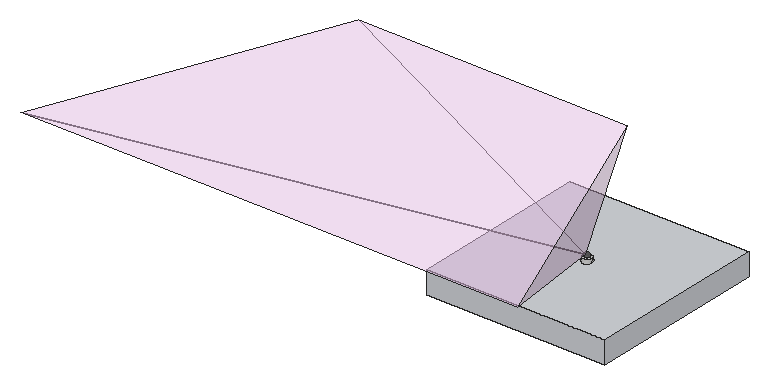
Revit family "_Camera-Security-Panasonic-Super_Dynamic-Vandal_Resistant-Waterproof-Dome-Network-S2572LSeries", category 警備装置, Revit 2019
Family settings
  ホスト = 面
  注釈の向きを維持 = いいえ
  丸型コネクタ寸法 = 直径を使用
  パーツ タイプ = 標準
  OmniClass 番号 = 23.85.10.14.11
  OmniClass タイトル = Cameras
  ロード時にボイドで切り取り = いいえ
  共有 = いいえ
  部屋計算ポイント = いいえ
Parameters (values of type "WV-S2272L")
  z Zero = 0.000"  # constant formula
  z Yaw Actual [instance] = if(and(On Wall, not(On Ceiling)), Yaw Actual, Yaw Actual + 180.00°)  # 180.00°
  z VV Viewpoint Depth Min = 1.28244"
  z VV Viewpoint Depth Max = 1.28244"
  z VV Viewpoint Depth [instance] = (z VV Viewpoint Depth Max - z VV Viewpoint Depth Min) * z HFOV Ratio + z VV Viewpoint Depth Min  # 1.28244"
  z VV Origin Horizontal Offset [instance] = 0.000"
  z VV Origin HeightX [instance] = 2.42126"  # constant formula
  z VV Origin Height [instance] = if(z Decoration Cover Visible, z Embedded Bottom Offset + z VV Origin HeightX, if(z Base Bracket Visible, z VV Origin HeightX + Base Bracket Height, z VV Origin HeightX))  # 2.42126"
  z VV Origin Angle [instance] = 0.00°
  z Tilt Actual [instance] = Tilt Actual  # 45.00°
  z Pan Actual Safe [instance] = if(Pan Actual = -180.00°, 180.00°, Pan Actual)  # 0.00°
  z Pan Actual [instance] = Pan Actual  # 0.00°
  z Level Offset = 7.87402"  # constant formula
  z HFOV Ratio [instance] = (Horizontal FOV Actual - Horizontal FOV Min) / (Horizontal FOV Max - Horizontal FOV Min)  # 0.16327
  z Dome Radius = Dome Diameter / 2  # 1.63386"
  z Decoration Cover Visible [instance] = Set with Decoration Cover  # no
  z Const Yaw Handle Length = 9.25197"  # constant formula
  z Const Yaw Base2 Length = 17.32283"  # constant formula
  z Const Yaw Base Length = 10.23622"  # constant formula
  z Const Tilt Handle Length = 11.81102"  # constant formula
  z Const Tilt Base2 Length = 19.68504"  # constant formula
  z Const Tilt Base Length = 9.84252"  # constant formula
  z Const Pan Handle Length = 19.48819"  # constant formula
  z Embedded Bottom Offset = -1.67323"
  z Camera Type = 0
  z Camera Top Height [instance] = if(z Decoration Cover Visible, z Level Offset + Base Height + z Embedded Bottom Offset, if(z Base Bracket Visible, z Level Offset + z Camera Bottom Offset + Base Height, z Level Offset + Base Height))  # 10.07874"
  z Camera Radius2 = z Camera Radius * 0.7  # 1.78445"
  z Camera Radius = 2.54921"
  z Camera Center Offset [instance] = 0.000"
  z Camera Bottom Offset [instance] = Base Bracket Height  # 1.41732"
  z Camera Bottom Height [instance] = if(z Base Bracket Visible, z Level Offset + z Camera Bottom Offset, z Level Offset)  # 7.87402"
  z Camera Angle [instance] = 90.00°
  z Base Visible [instance] = not(z Decoration Cover Visible)  # yes
  z Base Bracket Visible [instance] = and(z Camera Type = 1, Has Base Bracket, not(z Decoration Cover Visible))  # no
  WQHD = Resolution : WQHD
  Resolution [instance] = Resolution : 4K
  HD = Resolution : HD
  Full HD = Resolution : Full HD
  Decoration Cover Radius = 3.66142"
  Decoration Cover Wall Height = 0.11811"  # constant formula
  Decoration Cover Hole Radius = 1.63386"
  Decoration Cover Height = 0.61811"
  4K = Resolution : 4K
  Base Radius = 2.54921"
  z Dome Offset [instance] = 2.20472"
  Yawing Range = "-100 to +100"  # constant formula
  Yaw Min = -100.00°  # constant formula
  Yaw Max = 100.00°  # constant formula
  Yaw Desired [instance] = 0.00°
  Yaw Actual [instance] = if(Yaw Desired > Yaw Max, Yaw Max, if(Yaw Desired < Yaw Min, Yaw Min, Yaw Desired))  # 0.00°
  Wide Dynamic Range = yes
  Weight [instance] = 1.72 lbf
  Water and Dust Resistance = "N/A"
  Voltage DC = 12 V  # constant formula
  Vertical FOV Min [instance] = if(and(Aspect Ratio 4_3, not(Aspect Ratio 16_9)), VFOV Min 43, VFOV Min 169)  # 29.00°
  Vertical FOV Max [instance] = if(and(Aspect Ratio 4_3, not(Aspect Ratio 16_9)), VFOV Max 43, VFOV Max 169)  # 55.00°
  Vertical FOV Actual [instance] = z HFOV Ratio * (Vertical FOV Max - Vertical FOV Min) + Vertical FOV Min  # 33.2449°
  Vandal Resistant = yes
  VFOV Min 43 = VFOV Min 169  # 29.00°
  VFOV Min 169 = 29.00°  # constant formula
  VFOV Max 43 = VFOV Max 169  # 55.00°
  VFOV Max 169 = 55.00°  # constant formula
  URL = "http://security.panasonic.com/pss/security/"
  Tilting Range = "-30 to +85"  # constant formula
  Tilt Min = -30.00°  # constant formula
  Tilt Max = 85.00°  # constant formula
  Tilt Desired [instance] = 45.00°
  Tilt Actual [instance] = if(Tilt Desired > Tilt Max, Tilt Max, if(Tilt Desired < Tilt Min, Tilt Min, Tilt Desired))  # 45.00°
  Storage Temperature = Operational Temperature  # "14 °F to 122 °F"
  Show View Volume [instance] = yes
  Shock Resistance = "IK10 (IEC 62262)"
  Set with Decoration Cover [instance] = no
  Regulatory Compliance = "UL (UL60950-1), c-UL (CSA C22.2 No.60950-1), CE, IEC60950-1, FCC (Part15 ClassA), ICES003 ClassA, EN55032 ClassB, EN55024"
  Provide Feedback = "https://www.surveymonkey.com/s/95FL6QY"
  Product Page URL = "https://security.panasonic.com/products_technology/products/wv-s2272l/"
  Product Material = Paint - Panasonic - Sail White
  Product Documentation Link = "https://bizpartner.panasonic.net/public/ppr/product/11415?accordion_tab=96"
  Power Active = 9.2 W
  Part Number = モデル  # "WV-S2272L"
  Part Description = 説明  # "Security Camera, Fixed Dome, Network, Super Dynamic , 4K, WV-S2272L"
  Panning Range = "-240 to +120"
  Pan Min = -240.00°
  Pan Max = 120.00°
  Pan Desired [instance] = 0.00°
  Pan Actual [instance] = if(Pan Desired > Pan Max, Pan Max, if(Pan Desired < Pan Min, Pan Min, Pan Desired))  # 0.00°
  PPM Desired [instance] = 300
  PPM Actual [instance] = if(PPM Desired > 1, PPM Desired, 1)  # 300
  Original Creation Date = "2019/05/14"
  Operational Temperature = "14 °F to 122 °F"
  Operational Humidity = "10 to 90 % (no condensation)"
  On Wall [instance] = no
  On Ceiling [instance] = yes
  Mounting Positions = "Surface Mount"
  Model Disclaimer = "Contact Panasonic for more information"  # constant formula
  モデル = "WV-S2272L"
  Minimum Illumination = 0.090 lx  # constant formula
  製造元 = "Panasonic"  # constant formula
  Indoor Or Outdoor = "Indoor"
  IP Or Analog = "IP"  # constant formula
  Horizontal Resolution Actual [instance] = if(and(Aspect Ratio 4_3, not(Aspect Ratio 16_9)), Horizontal Resolution 43, Horizontal Resolution 169)  # 3840
  Horizontal Resolution 43 [instance] = Horizontal Resolution 169  # 3840
  Horizontal Resolution 169 [instance] = if(Resolution = [4K], 3840, if(Resolution = WQHD, 2560, if(Resolution = Full HD, 1920, if(Resolution = HD, 1280, 3840))))  # 3840
  Horizontal FOV Min [instance] = if(and(Aspect Ratio 4_3, not(Aspect Ratio 16_9)), HFOV Min 43, HFOV Min 169)  # 52.00°
  Horizontal FOV Max [instance] = if(and(Aspect Ratio 4_3, not(Aspect Ratio 16_9)), HFOV Max 43, HFOV Max 169)  # 101.00°
  Horizontal FOV Desired [instance] = 60.00°
  Horizontal FOV Actual [instance] = if(Horizontal FOV Desired > Horizontal FOV Max, Horizontal FOV Max, if(Horizontal FOV Desired < Horizontal FOV Min, Horizontal FOV Min, Horizontal FOV Desired))  # 60.00°
  Height = 4.03543"
  Has POE = yes
  Has Base Bracket [instance] = no
  HFOV Min 43 = HFOV Min 169  # 52.00°
  HFOV Min 169 = 52.00°  # constant formula
  HFOV Max 43 = HFOV Max 169  # 101.00°
  HFOV Max 169 = 101.00°  # constant formula
  Family Version = "1.0.0"  # constant formula
  Equipment Number [instance] = ""
  Equipment Abbreviation = "SC"
  Dome Diameter = 3.26772"
  Dome Bottom Offset = 0.19685"
  Distance to Screen [instance] = 393.70079"
  Distance to PPM Target [instance] = if(PPM Actual = 0, 0.000", 39.37008" * Horizontal Resolution Actual / (PPM Actual * 2 * tan(Horizontal FOV Actual / 2)))  # 436.42225"
  Distance to Floor [instance] = 118.11024"
  Distance to Ceiling [instance] = 0.000"
  Diameter = 5.09843"
  説明 = "Security Camera, Fixed Dome, Network, Super Dynamic , 4K, WV-S2272L"
  Default Elevation = 0.000"
  Day Or Night = "Yes"  # constant formula
  Date Last Modified = "2020/10/13"
  Copyright = "Copyright © Panasonic"  # constant formula
  Communication Ports = "10Base-T / 100Base-TX, RJ45 connector"  # constant formula
  Base Bracket Height = 1.41732"
  Base Height = 2.20472"
  Audio Out = "Yes"  # constant formula
  Audio In = "Yes"  # constant formula
  Aspect169 = yes
  Aspect Ratio 4_3 [instance] = not(Aspect169)  # no
  Aspect Ratio 16_9 [instance] = Aspect169  # yes
  Angle Of View = "101"
  Alarm Input Or Output Specification = "ALARM IN 1(Alarm input 1/ Black & white input/ Auto time adjustment input) (x1), ALARM IN 2 (Alarm input 2/ ALARM OUT) (x1) , ALARM IN 3 (Alarm input 3/ AUX OUT) (x1)"  # constant formula
  Accessory Part Number [instance] = if(and(Set with Decoration Cover, z Camera Type = 0), "WV-Q174B", if(and(Set with Decoration Cover, z Camera Type = 1), "WV-Q169A", "Select a Mounting Option"))  # "Select a Mounting Option"
Types (4): name | z VV Viewpoint Depth Min | z VV Viewpoint Depth Max | z VV Viewpoint Depth | z Dome Radius | z Embedded Bottom Offset | z Camera Type | z Camera Radius2 | z Camera Radius | Resolution | Decoration Cover Radius | Decoration Cover Hole Radius | Decoration Cover Height | Base Radius | Weight | Water and Dust Resistance | Storage Temperature | Shock Resistance | Product Page URL | Product Material | Product Documentation Link | Power Active | Part Number | Part Description | Panning Range | Pan Min | Pan Max | Operational Temperature | Operational Humidity | Mounting Positions | モデル | Indoor Or Outdoor | Horizontal Resolution Actual | Horizontal Resolution 43 | Horizontal Resolution 169 | Height | Dome Diameter | Distance to PPM Target | Diameter | 説明 | Date Last Modified
  WV-S2570L | 1.28295" | 1.28295" | 1.28295" | 1.65354" | -1.68504" | 1 | 2.11899" | 3.02714" | Resolution : HD | 4.13976" | 1.634" | 0.51969" | 3.0315" | 3.53 lbf | "IP66 (IEC60529), Type 4X(UL50E), NEMA 4X compliant" | "-40 °F to 140 °F" | "50J (IEC 60068-2-75 compliant), IK10 (IEC 62262)" | "https://security.panasonic.com/products_technology/products/wv-s2570l/" | Paint - Panasonic - Light Gray | "https://bizpartner.panasonic.net/public/sites/all/modules/panasonic/mypdfurl/pdf.js/web/viewer.html?file=/public/system/files/files/fields/field_file/psd/2019/04/26/WV-S2570L_2A-225AA_1556238318.2655.pdf" | 10.6 W | "WV-S2570L" | "Security Camera, Fixed Dome, Network, Super Dynamic  Vandal Resistant  Weatherproof, 4K, WV-S2570L" | "-180 to +180" | -180.00° | 180.00° | "-40 °F to 140 °F" | "10 to 100 % (no condensation)" | "Mount Dependent or Surface Mount" | "WV-S2570L" | "Outdoor" | 1280 | 1280 | 1280 | 5.47244" | 3.30709" | 145.47408" | 6.45669" | "Security Camera, Fixed Dome, Network, Super Dynamic  Vandal Resistant  Weatherproof, 4K, WV-S2570L" | "2019/05/14"
  WV-S2270L | 1.28244" | 1.28244" | 1.28244" | 1.63386" | -1.67323" | 0 | 1.78445" | 2.54921" | Resolution : 4K | 3.66142" | 1.63386" | 0.61811" | 2.54921" | 1.72 lbf | "N/A" | "14 °F to 122 °F" | "IK10 (IEC 62262)" | "https://security.panasonic.com/products_technology/products/wv-s2270l/documentation_database/" | Paint - Panasonic - Sail White | "https://bizpartner.panasonic.net/public/sites/all/modules/panasonic/mypdfurl/pdf.js/web/viewer.html?file=/public/system/files/files/fields/field_file/psd/2019/04/26/WV-S2270L_2A-226AA_1556238004.5315.pdf" | 9.2 W | "WV-S2270L" | "Security Camera, Fixed Dome, Network, Super Dynamic , 4K, WV-S2270L" | "-240 to +120" | -240.00° | 120.00° | "14 °F to 122 °F" | "10 to 90 % (no condensation)" | "Surface Mount" | "WV-S2270L" | "Indoor" | 3840 | 3840 | 3840 | 4.03543" | 3.26772" | 436.42225" | 5.09843" | "Security Camera, Fixed Dome, Network, Super Dynamic , 4K, WV-S2270L" | "2019/05/14"
  WV-S2572L | 1.28295" | 1.28295" | 1.28295" | 1.65354" | -1.68504" | 1 | 2.11899" | 3.02714" | Resolution : HD | 4.13976" | 1.634" | 0.51969" | 3.0315" | 3.53 lbf | "IP66 (IEC60529), Type 4X(UL50E), NEMA 4X compliant" | "-40 °F to 140 °F" | "50J (IEC 60068-2-75 compliant), IK10 (IEC 62262)" | "https://security.panasonic.com/products_technology/products/wv-s2572l/" | Paint - Panasonic - Light Gray | "https://bizpartner.panasonic.net/public/ppr/product/11417?accordion_tab=96" | 10.6 W | "WV-S2572L" | "Security Camera, Fixed Dome, Network, Super Dynamic  Vandal Resistant  Weatherproof, 4K, WV-S2572L" | "-180 to +180" | -180.00° | 180.00° | "-40 °F to 140 °F" | "10 to 100 % (no condensation)" | "Mount Dependent or Surface Mount" | "WV-S2572L" | "Outdoor" | 1280 | 1280 | 1280 | 5.47244" | 3.30709" | 145.47408" | 6.45669" | "Security Camera, Fixed Dome, Network, Super Dynamic  Vandal Resistant  Weatherproof, 4K, WV-S2572L" | "2020/10/13"
  WV-S2272L | 1.28244" | 1.28244" | 1.28244" | 1.63386" | -1.67323" | 0 | 1.78445" | 2.54921" | Resolution : 4K | 3.66142" | 1.63386" | 0.61811" | 2.54921" | 1.72 lbf | "N/A" | "14 °F to 122 °F" | "IK10 (IEC 62262)" | "https://security.panasonic.com/products_technology/products/wv-s2272l/" | Paint - Panasonic - Sail White | "https://bizpartner.panasonic.net/public/ppr/product/11415?accordion_tab=96" | 9.2 W | "WV-S2272L" | "Security Camera, Fixed Dome, Network, Super Dynamic , 4K, WV-S2272L" | "-240 to +120" | -240.00° | 120.00° | "14 °F to 122 °F" | "10 to 90 % (no condensation)" | "Surface Mount" | "WV-S2272L" | "Indoor" | 3840 | 3840 | 3840 | 4.03543" | 3.26772" | 436.42225" | 5.09843" | "Security Camera, Fixed Dome, Network, Super Dynamic , 4K, WV-S2272L" | "2020/10/13"
Reference planes (in)
  plane 1 "Center (Front/Back)": y = 0
  plane 2: z = 0
  plane 3 "Center (Left/Right)": x = 0
  plane 4 "Body Bottom": z = 0
  plane 5: y = 0
  plane 6 "Level Offset": z = -7.87402
  plane 7 "BP": z = 2.42126
  plane 8: z = 2.20472
  plane 9: z = 2.40157
  plane 10: z = 4.03543
Forms (in)
  Extrusion 1, solid
    sketch origin (0, 0, 0) x (1, 0, 0) y (0, 1, 0)
      loop
        line (-48, 48) -> (-48, -48) -> (48, -48) -> (48, 48) -> (-48, 48)
    from 0 to -12
  Revolve 2, solid, material "Paint - Panasonic - Sail White" <- "Product Material"
    sketch origin (0, 0, 0) x (0, 0, 1) y (1, 0, 0)
      loop
        line (0.00001, 2.54921) -> (0.00001, 0) -> (2.20472, 0) -> (2.20472, 1.78445) -> (1.70472, 2.40007) -> (0.00001, 2.54921)
      axis (2.20472, 0) -> (0.00001, 0)
    angle from 0 to 360
  Revolve 3, solid, material "Glass - Panasonic - Black"
    sketch origin (0, 0, 0) x (0, 1, 0) y (0, 0, 1)
      loop
        arc (1.63386, 2.40157) -> (1.15531, 3.55689) -> (0, 4.03543) r 1.63386
        line (0, 4.03543) -> (0, 2.20472) -> (1.63386, 2.20472) -> (1.63386, 2.40157)
      axis (0, 2.20472) -> (0, 4.03543)
    angle from 0 to 360
  Extrusion 4, solid
    sketch origin (0, 0, 0) x (1, 0, 0) y (0, 1, 0)
      loop
        circle (0, 0) r 0.3937
    from 0 to 0.3937
Lines and regions (in)
  reference lines
    curve 1: line (0, 0, 0) -> (0, 0, 2.20472)
    curve 2: line (0, -1, 10.89222) -> (0, 1, 10.89222)
  symbolic lines, not visible
    curve 3: line (-1.15, -2.6875, 0) -> (1.15, -2.6875, 0)
Dimensions and locks (in)
  "z Camera Center Offset": plane 5 to plane 1 "Center (Front/Back)"
  "z Level Offset": level to plane 6 "Level Offset"
  "z Camera Bottom Height": plane 4 "Body Bottom" to plane 6 "Level Offset"
  "z VV Origin Height": plane 7 "BP" to level
  "z Camera Top Height": plane 8 to plane 6 "Level Offset"
  "Dome Bottom Offset": plane 8 to plane 9
  "z Dome Radius": plane 10 to plane 9
  "z Camera Radius": Revolve 2 sketch curve to plane 3 "Center (Left/Right)"
  locked: Revolve 2 sketch curve to Revolve 2 sketch curve at 0.5
  "z Camera Radius2": Revolve 2 sketch curve to plane 3 "Center (Left/Right)"
  "z Dome Radius": radius of Revolve 3 sketch curve
  "z Camera Angle": angle curve 1 to plane 4 "Body Bottom"
  locked: Revolve 2 sketch curve to Revolve 2 sketch curve (angle 85.00°)
  aligned and locked: plane 2 to Extrusion 1
  aligned and locked: level to Extrusion 1
  aligned and locked: plane 5 to curve 1
  aligned and locked: nested 1 to plane 3 "Center (Left/Right)"
  aligned and locked: nested 1 to plane 1 "Center (Front/Back)"
  aligned and locked: plane 8 to Revolve 2 sketch curve
Automatic sketch dimensions
  Extrusion 1 sketch curve to Extrusion 1 sketch curve = 96.000"  (x2)
  curve 3 to plane 3 "Center (Left/Right)" = 1.150"
  plane 3 "Center (Left/Right)" to curve 3 = 1.150"
  curve 1 to curve 2 = 1.000"
  curve 1 to curve 2 = 8.6875"
  curve 2 to curve 1 = 1.000"
  plane 1 "Center (Front/Back)" to curve 3 = 2.6875"
  Revolve 3 sketch curve to plane 1 "Center (Front/Back)" = 0.000"
  Revolve 3 sketch curve to plane 9 = 0.000"
  plane 8 to Revolve 3 sketch curve = 0.000"
  Revolve 3 sketch curve to plane 10 = 0.000"
  plane 1 "Center (Front/Back)" to Extrusion 4 sketch curve = 0.000"
  Extrusion 4 sketch curve to plane 3 "Center (Left/Right)" = 0.000"
  curve 1 to level = 0.000"
  Revolve 2 sketch curve to plane 3 "Center (Left/Right)" = 0.000"  (x2)
  level to Revolve 2 sketch curve = 0.00001"
  Revolve 2 sketch curve to level = 0.45341"
  plane 7 "BP" to Revolve 2 sketch curve = 0.01657"
  radius of Extrusion 4 sketch curve = 0.3937"
Nested families (in)
  nested 1: "Camera-Security-Panasonic-ViewVolumePTYZ" at (0, 0, 2.42126), Viewpoint Depth <- "z VV Viewpoint Depth", Base Height Offset <- "z VV Origin Height", Base Angle Offset <- "z VV Origin Angle", Viewpoint Origin Horizontal Offset <- "z VV Origin Horizontal Offset", Yaw <- "Yaw Actual", Tilt <- "Tilt Actual", Pan <- "Pan Actual", HFOV <- "Horizontal FOV Actual", VFOV <- "Vertical FOV Actual", On Wall <- "On Wall", On Ceiling <- "On Ceiling", Screen Depth <- "Distance to Screen", Floor Distance <- "Distance to Floor", Ceiling Distance <- "Distance to Ceiling", Target Depth <- "Distance to PPM Target", visible <- "Show View Volume", type "Camera-Security-Panasonic-ViewVolumePTYZ"
    with z Yaw Actual 0.00°, z Void Width 1249.41549", z Void Thickness 397.40449", z Void Height Start -624.70774", z Void Height End 624.70774", z Void Direction 0, z Void Angle 0.00°, z Viewpoint Depth 1.28244", z Tilt Actual 45.00°, z Target Width 503.93701", z Target Visible no, z Target Height 260.57867", z Target Depth 437.70469", z Screen Width 454.60651", z Screen Height 235.07057", z Screen Depth 394.98323", z Pan Actual 0.00°, z Floor Distance 118.11024", z Ceiling Distance 0.000", Yaw 0.00°, Viewpoint Origin Horizontal Offset 0.000", Viewpoint Depth 1.28244", VFOV 33.2449°, Tilt 45.00°, Target Depth 436.42225", Screen Depth 393.70079", Pan 0.00°, On Wall no, On Floor no, On Default Mount Type 0, On Ceiling yes, HFOV 60.00°, Floor Distance 118.11024", Ceiling Distance 0.000", Base Height Offset 2.42126", Base Angle Offset 0.00°
  nested 2: "Base Bracket" at (0, 0, 0), visible <- "z Base Bracket Visible", Base Bracket Height <- "Base Bracket Height", Visible <- "z Base Bracket Visible", Product Material <- "Product Material", type "Base Bracket"
    with Visible no, Product Material Paint - Panasonic - Sail White, Inner Diameter 3.14961", Base Bracket Height 1.41732", Base Bracket Diameter 3.22835"
  nested 3: "Decoration Cover" at (0, 0, 0), visible <- "z Decoration Cover Visible", Product Material <- "Product Material", Decoration Cover Radius <- "Decoration Cover Radius", Decoration Cover Height <- "Decoration Cover Height", Hole Radius <- "Decoration Cover Hole Radius", Wall Height <- "Decoration Cover Wall Height", type "Decoration Cover"
    with Wall Height 0.11811", Top Ring Width 0.36614", Product Material Paint - Panasonic - Sail White, Hole Radius 1.63386", Decoration Cover Radius 3.66142", Decoration Cover Height 0.61811"
Connectors (in)
  electrical at (0, 0, 0), driven by "Power Active", driven by "Voltage DC"
    settings: on Extrusion 1, index 3, voltage 12 V, apparent load 9.2 W, apparent load phase1 0.0 W, apparent load phase2 0.0 W, apparent load phase3 0.0 W, power factor 1, load classification "Other", number of poles 1, system type 30, power factor state 1, is connector primary yes, connector utility no, sub classification motor no, connector description "Electrical Connection"
  electrical at (0, 0, 0)
    settings: on Extrusion 4, index 5, voltage 0 V, apparent load 0.0 W, apparent load phase1 0.0 W, apparent load phase2 0.0 W, apparent load phase3 0.0 W, power factor 1, load classification "Other", number of poles 1, system type 5, power factor state 1, is connector primary no, connector utility no, sub classification motor no, connector description "Data Connection"
Definition of nested family "Camera-Security-Panasonic-ViewVolumePTYZ"
  Parameters
    z Yaw Actual [instance] = if(Yaw < 0.00°, 360.00° - (abs(Yaw) - rounddown(abs(Yaw) / 360.00°) * 360.00°), Yaw - rounddown(Yaw / 360.00°) * 360.00°)  # 0.00°
    z Void Width [instance] = if(z Screen Width > z Screen Height, z Screen Width, z Screen Height) + abs(Viewpoint Origin Horizontal Offset) + z Void Thickness * 2  # 1265.63013"
    z Void Thickness [instance] = z Screen Depth + abs(Base Height Offset)  # 405.51181"
    z Void Height Start [instance] = -z Void Width / 2  # -632.81507"
    z Void Height End [instance] = z Void Width / 2  # 632.81507"
    z Void Direction [instance] = if((if(On Wall, 1, 0) + if(On Floor, 1, 0) + if(On Ceiling, 1, 0)) = 1, if(On Ceiling, 0, if(On Wall, 1, 2)), On Default Mount Type)  # 0
    z Viewpoint Depth [instance] = if(Viewpoint Depth < 0.03937", 0.03937", Viewpoint Depth)  # 5.90551"
    z Tilt Actual [instance] = if(Tilt < 0.00°, 360.00° - (abs(Tilt) - rounddown(abs(Tilt) / 360.00°) * 360.00°), Tilt - rounddown(Tilt / 360.00°) * 360.00°)  # 45.00°
    z Target Visible [instance] = not(Screen Depth < Target Depth)  # yes
    z Target Thickness Start = -z Target Thickness / 2  # -0.03937"
    z Target Thickness End = z Target Thickness / 2  # 0.03937"
    z Target Depth [instance] = Target Depth + Viewpoint Depth  # 84.64567"
    z Pan Actual [instance] = if(Pan < 0.00°, 360.00° - (abs(Pan) - rounddown(abs(Pan) / 360.00°) * 360.00°), Pan - rounddown(Pan / 360.00°) * 360.00°)  # 0.00°
    z Floor Distance [instance] = if(z Void Direction = 2, if(Floor Distance < 0.000", 0.000", Floor Distance), if(Floor Distance < 0.3937", 0.3937", Floor Distance))  # 118.11024"
    z Const Yaw Base2 Length = 17.32283"  # constant formula
    z Const Tilt Base2 Length = 19.68504"  # constant formula
    z Ceiling Distance [instance] = if(z Void Direction = 2, if(Ceiling Distance < 0.3937", 0.3937", Ceiling Distance), if(Ceiling Distance < 0.000", 0.000", Ceiling Distance))  # 0.000"
    z Const Void Handle Length = 23.62205"  # constant formula
    z Void Angle [instance] = if(z Void Direction = 0, 0.00° + Base Angle Offset, if(z Void Direction = 1, 90.00° + Base Angle Offset, 180.00° + Base Angle Offset))  # 0.00°
    z Screen Depth [instance] = if(Screen Depth < 3.93701", 3.93701" + Viewpoint Depth, Screen Depth + Viewpoint Depth)  # 399.6063"
    Original Creation Date = "September, 15, 2016"  # constant formula
    On Default Mount Type [instance] = 0
    Manufacturer = "Panasonic"  # constant formula
    Family Version = "1.0.0"  # constant formula
    Default Elevation = 48.000"
    Date Last Modified = "September, 15, 2016"  # constant formula
    Copyright = "Copyright © Panasonic"  # constant formula
    Base Height Offset [instance] = 5.90551"
    Base Angle Offset [instance] = 0.00°
    z Viewpoint Width = 0.03937"  # constant formula
    z Viewpoint Height = 0.03937"  # constant formula
    VFOV [instance] = 33.75°
    z Target Width [instance] = Target Depth * tan(HFOV / 2) * 2  # 90.9213"
    z Target Thickness = 0.07874"  # constant formula
    z Target Height [instance] = Target Depth * tan(VFOV / 2) * 2  # 47.77113"
    Target Depth [instance] = 78.74016"
    z Screen Width [instance] = (z Screen Depth - Viewpoint Depth) * tan(HFOV / 2) * 2  # 454.60651"
    z Screen Height [instance] = (z Screen Depth - Viewpoint Depth) * tan(VFOV / 2) * 2  # 238.85566"
    Screen Depth [instance] = 393.70079"
    z Const Yaw Handle Length = 9.25197"  # constant formula
    z Const Yaw Base Length = 10.23622"  # constant formula
    Viewpoint Depth [instance] = 5.90551"
    Viewpoint Origin Horizontal Offset [instance] = 0.000"
    z Const Tilt Handle Length = 14.17323"  # constant formula
    z Const Tilt Base Length = 9.84252"  # constant formula
    z Const Pan Handle Length = 19.68504"  # constant formula
    z Const Pan Axis Length = 15.74803"  # constant formula
    On Wall [instance] = no
    On Floor [instance] = no
    On Ceiling [instance] = yes
    HFOV [instance] = 60.00°
    Yaw [instance] = 0.00°
    Tilt [instance] = 45.00°
    Pan [instance] = 0.00°
    Floor Distance [instance] = 118.11024"
    Ceiling Distance [instance] = 0.000"
  Reference planes (in)
    plane 1 "Center (Front/Back)": y = 0
    plane 2: z = 0
    plane 3 "Center (Left/Right)": x = 0
    plane 4 "VoidOffsetBase": z = -5.90551
  Forms (in)
    Extrusion 1, void
      sketch origin (0, 0, -5.90551) x (0, 0, 1) y (0, -1, 0)
        loop
          line (523.62205, 632.81507) -> (118.11024, 632.81507) -> (118.11024, -632.81507) -> (523.62205, -632.81507) -> (523.62205, 632.81507)
        loop
          line (0, 632.81507) -> (-405.51181, 632.81507) -> (-405.51181, -632.81507) -> (0, -632.81507) -> (0, 632.81507)
      from -632.81507 <- "z Void Height Start" to 632.81507 <- "z Void Height End"
    Blend 2, solid
      base sketch origin (0, -4.17583, 4.17583) x (0, 0.707107, 0.707107) y (-1, 0, 0)
        loop
          line (-0.01969, -0.01969) -> (0.01969, -0.01969) -> (0.01969, 0.01969) -> (-0.01969, 0.01969) -> (-0.01969, -0.01969)
      top sketch origin (0, -282.56432, 282.56432) x (0, 0.707107, 0.707107) y (-1, 0, 0)
        loop
          line (-119.42783, -227.30326) -> (119.42783, -227.30326) -> (119.42783, 227.30326) -> (-119.42783, 227.30326) -> (-119.42783, -227.30326)
      from 0 to 0
    Extrusion 3, solid, visible <- "z Target Visible"
      sketch origin (0, -59.85353, 59.85353) x (0, 0.707107, 0.707107) y (-1, 0, 0)
        loop
          line (-23.88557, -45.46065) -> (23.88557, -45.46065) -> (23.88557, 45.46065) -> (-23.88557, 45.46065) -> (-23.88557, -45.46065)
      from -0.03937 <- "z Target Thickness Start" to 0.03937 <- "z Target Thickness End"
  Cuts and joins
    Extrusion 1 cuts Blend 2
    Extrusion 1 cuts Extrusion 3
  Lines and regions (in)
    reference lines
      curve 1: line (0, 0, 0) -> (19.68504, 0, 0)
      curve 2: line (0, 0, -15.74803) -> (0, 0, 0)
      curve 3: line (0, 0, 0) -> (0, -9.84252, 0)
      curve 4: line (0, 0, 0) -> (0, 0, 19.68504)
      curve 5: line (0, -10.02199, 10.02199) -> (0, 0, 0)
      curve 6: line (0, 0, 0) -> (0, 7.2381, 7.2381)
      curve 7: line (0, 0, 0) -> (-17.32283, 0, 0)
      curve 8: line (0, 0, 0) -> (-9.25197, 0, 0)
      curve 9: line (0, -4.17583, 4.17583) -> (0, 0, 0)
      curve 10: line (0, 0, 0) -> (0, -59.85353, 59.85353)
      curve 11: line (0, 0, 0) -> (0, -282.56432, 282.56432)
      curve 12: line (-0.01969, -4.16191, 4.18975) -> (0.01969, -4.16191, 4.18975)
      curve 13: line (-0.01969, -4.18975, 4.16191) -> (0.01969, -4.18975, 4.16191)
      curve 14: line (-0.01969, -4.16191, 4.18975) -> (-0.01969, -4.18975, 4.16191)
      curve 15: line (0.01969, -4.16191, 4.18975) -> (0.01969, -4.18975, 4.16191)
      curve 16: line (-45.46065, -42.96388, 76.74317) -> (45.46065, -42.96388, 76.74317)
      curve 17: line (-45.46065, -76.74317, 42.96388) -> (45.46065, -76.74317, 42.96388)
      curve 18: line (-45.46065, -42.96388, 76.74317) -> (-45.46065, -76.74317, 42.96388)
      curve 19: line (45.46065, -42.96388, 76.74317) -> (45.46065, -76.74317, 42.96388)
      curve 20: line (-227.30326, -198.1161, 367.01255) -> (-227.30326, -367.01255, 198.1161)
      curve 21: line (227.30326, -198.1161, 367.01255) -> (227.30326, -367.01255, 198.1161)
      curve 22: line (-227.30326, -198.1161, 367.01255) -> (227.30326, -198.1161, 367.01255)
      curve 23: line (-227.30326, -367.01255, 198.1161) -> (227.30326, -367.01255, 198.1161)
      curve 24: line (0, 0, -5.90551) -> (0, 0, 17.71654)
      curve 25: line (0, -632.81507, 517.71654) -> (0, 632.81507, 517.71654)
      curve 26: line (0, -632.81507, 112.20472) -> (0, -632.81507, 517.71654)
      curve 27: line (0, 632.81507, 112.20472) -> (0, -632.81507, 112.20472)
      curve 28: line (0, 632.81507, 517.71654) -> (0, 632.81507, 112.20472)
      curve 29: line (0, -632.81507, -5.90551) -> (0, 632.81507, -5.90551)
      curve 30: line (0, -632.81507, -411.41732) -> (0, -632.81507, -5.90551)
      curve 31: line (0, 632.81507, -411.41732) -> (0, -632.81507, -411.41732)
      curve 32: line (0, 632.81507, -5.90551) -> (0, 632.81507, -411.41732)
  Dimensions and locks (in)
    "z Const Pan Handle Length": curve 1 to curve 1
    "z Const Pan Axis Length": curve 2 to curve 2
    "z Const Tilt Base Length": curve 3 to curve 3
    "z Const Pan Axis Length": curve 1 to curve 2
    "Viewpoint Origin Horizontal Offset": curve 4 to curve 2
    "z Const Tilt Base2 Length": curve 4 to curve 4
    "z Const Tilt Handle Length": curve 5 to curve 5
    "z Const Yaw Base Length": curve 6 to curve 6
    "z Const Yaw Base2 Length": curve 7 to curve 7
    "z Const Yaw Handle Length": curve 8 to curve 8
    "z Viewpoint Depth": curve 9 to curve 9
    "z Target Depth": curve 10 to curve 10
    "z Screen Depth": curve 11 to curve 11
    equal spacing: curve 13, curve 9, curve 12
    "z Viewpoint Height": curve 13 to curve 12
    equal spacing: curve 14, curve 9, curve 15
    "z Viewpoint Width": curve 14 to curve 15
    equal spacing: curve 17, curve 10, curve 16
    "z Target Height": curve 17 to curve 16
    equal spacing: curve 18, curve 10, curve 19
    "z Target Width": curve 18 to curve 19
    equal spacing: curve 20, curve 11, curve 21
    "z Screen Width": curve 20 to curve 21
    equal spacing: curve 23, curve 11, curve 22
    "z Screen Height": curve 23 to curve 22
    "z Const Void Handle Length": curve 24 to curve 24
    equal spacing: curve 26, curve 24, curve 28
    "z Void Width": curve 26 to curve 28
    "z Floor Distance": curve 27 to curve 24
    "z Ceiling Distance": curve 29 to curve 24
    "z Void Thickness": curve 31 to curve 29
    "z Void Thickness": curve 25 to curve 27
    "Base Height Offset": level to plane 4 "VoidOffsetBase"
    locked: curve 3 to curve 2 (angle 90.00°)
    locked: curve 3 to curve 4 (angle 90.00°)
    "z Tilt Actual": angle curve 4 to curve 5
    locked: curve 6 to curve 7 (angle 90.00°)
    locked: curve 6 to curve 5 (angle 90.00°)
    locked: curve 9 to curve 5 (angle 0.00°)
    locked: curve 10 to curve 5 (angle 0.00°)
    locked: curve 11 to curve 5 (angle 0.00°)
    "z Void Angle": angle plane 1 "Center (Front/Back)" to curve 24
    "z Yaw Actual": angle curve 7 to curve 8
    "z Pan Actual": angle plane 1 "Center (Front/Back)" to curve 1
    aligned and locked: level to plane 2
    aligned and locked: curve 2 to curve 1
    aligned and locked: curve 2 to curve 3
    aligned and locked: curve 3 to curve 2
    aligned and locked: curve 3 to curve 5
    aligned and locked: curve 6 to curve 7
    aligned and locked: curve 6 to curve 8
    aligned and locked: curve 8 to curve 7
    aligned and locked: curve 7 to curve 6
    aligned and locked: curve 5 to curve 11
    aligned and locked: curve 11 to curve 8
    aligned and locked: curve 12 to curve 15
    aligned and locked: curve 15 to curve 15
    aligned and locked: curve 14 to curve 14
    aligned and locked: curve 13 to curve 15
    aligned and locked: curve 16 to curve 19
    aligned and locked: curve 18 to curve 18
    aligned and locked: curve 17 to curve 19
    aligned and locked: curve 22 to curve 22
    aligned and locked: curve 21 to curve 23
    aligned and locked: curve 20 to curve 23
    aligned and locked: curve 23 to curve 23
    aligned and locked: plane 1 "Center (Front/Back)" to curve 24
    aligned and locked: curve 30 to curve 26
    aligned and locked: curve 28 to curve 32
    aligned and locked: Extrusion 1 sketch curve to curve 25
    aligned and locked: Extrusion 1 sketch curve to curve 26
    aligned and locked: Extrusion 1 sketch curve to curve 27
    aligned and locked: Extrusion 1 sketch curve to curve 28
    aligned and locked: Extrusion 1 sketch curve to curve 29
    aligned and locked: Extrusion 1 sketch curve to curve 30
    aligned and locked: Extrusion 1 sketch curve to curve 31
    aligned and locked: Extrusion 1 sketch curve to curve 32
    aligned and locked: Extrusion 1 sketch curve to Extrusion 1 sketch curve  (x8)
    aligned and locked: Blend 2 sketch curve to curve 15
    aligned and locked: Blend 2 sketch curve to curve 13
    aligned and locked: Blend 2 sketch curve to curve 14
    aligned and locked: Blend 2 sketch curve to curve 12
    aligned and locked: Blend 2 sketch curve to Blend 2 sketch curve  (x8)
    aligned and locked: Blend 2 sketch curve to curve 21
    aligned and locked: Blend 2 sketch curve to curve 23
    aligned and locked: Blend 2 sketch curve to curve 20
    aligned and locked: Blend 2 sketch curve to curve 22
    aligned and locked: Extrusion 3 sketch curve to curve 19
    aligned and locked: Extrusion 3 sketch curve to curve 17
    aligned and locked: Extrusion 3 sketch curve to curve 18
    aligned and locked: Extrusion 3 sketch curve to curve 16
    aligned and locked: Extrusion 3 sketch curve to Extrusion 3 sketch curve  (x4)
    aligned and locked: plane 3 "Center (Left/Right)" to curve 1
    aligned and locked: plane 1 "Center (Front/Back)" to curve 1
    aligned and locked: level to curve 2
    aligned and locked: plane 4 "VoidOffsetBase" to curve 24
  Automatic sketch dimensions
    curve 6 to curve 5 = 0.000"
    curve 6 to curve 5 = 10.23622"
Definition of nested family "Decoration Cover"
  Parameters (values of type "Decoration Cover")
    Wall Height [instance] = 0.11811"
    Top Ring Width [instance] = Decoration Cover Radius / 10  # 0.36614"
    Product Material [instance] = none
    Hole Radius [instance] = 1.65354"
    Default Elevation = 48.000"
    Decoration Cover Height [instance] = 0.61811"
    Decoration Cover Radius [instance] = 3.66142"
  Reference planes (in)
    plane 1 "Center (Front/Back)": y = 0
    plane 2: z = 0
    plane 3 "Center (Left/Right)": x = 0
    plane 4: y = 3.66142
    plane 5: z = 0.61811
    plane 6: z = 0.11811
    plane 7: y = 1.65354
    plane 8: y = 2.01969
  Forms (in)
    Extrusion 1, solid
      sketch origin (0, 0, 0) x (1, 0, 0) y (0, 1, 0)
        loop
          line (-48, 48) -> (-48, -48) -> (48, -48) -> (48, 48) -> (-48, 48)
      from 0 to -12
    Revolve 2, solid, material <- "Product Material"
      sketch origin (0, 0, 0) x (0, 1, 0) y (0, 0, 1)
        loop
          line (2.01969, 0.61811) -> (1.65354, 0.61811) -> (1.65354, 0) -> (3.66142, 0) -> (3.66142, 0.11811) -> (2.01969, 0.61811)
        axis (0, 0) -> (0, 0.61811)
      angle from 0 to 360
  Dimensions and locks (in)
    "Decoration Cover Radius": plane 1 "Center (Front/Back)" to plane 4
    "Decoration Cover Height": plane 5 to level
    "Hole Radius": plane 1 "Center (Front/Back)" to plane 7
    "Top Ring Width": plane 7 to plane 8
    "Wall Height": plane 6 to level
    aligned and locked: plane 2 to Extrusion 1
    aligned and locked: level to Extrusion 1
    aligned and locked: Revolve 2 sketch curve to plane 4
    aligned and locked: plane 8 to Revolve 2 sketch curve
  Automatic sketch dimensions
    Extrusion 1 sketch curve to Extrusion 1 sketch curve = 96.000"  (x2)
    Revolve 2 sketch curve to plane 1 "Center (Front/Back)" = 0.000"
    Revolve 2 sketch curve to level = 0.000"
    Revolve 2 sketch curve to plane 7 = 0.000"
    Revolve 2 sketch curve to plane 6 = 0.000"
    Revolve 2 sketch curve to plane 5 = 0.000"
    Revolve 2 sketch curve to level = 24.000"
    plane 5 to Revolve 2 sketch curve = 91.65775"
